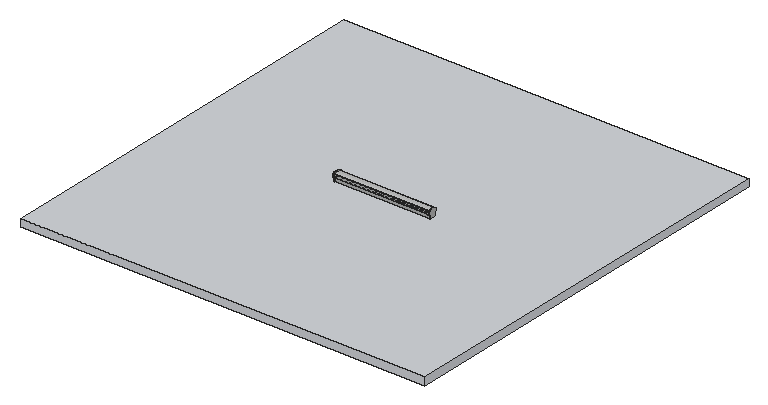
Revit family "P400227-031", category Lighting Fixtures, host Face, Revit 2014
Parameters (values of type "P7265-3030K9")
  Wings = Paint - Hubbell - Light Silver
  Width = 1 3/4"
  Watts = 20 W
  Wattage Comments = "20W"
  Wattage = 18.8 W
  Warranty = "5 years Warranty"  # constant formula
  built-in parameter 1150110 = 1 (stored number, unit not read)
  Voltage = 120 V
  URL = "https://www.hubbell.com/progresslighting/en"
  built-in parameter 1114217 = 1 (stored number, unit not read)
  Tilt Angle = -90.00°
  built-in parameter 1150109 = 1 (stored number, unit not read)
  built-in parameter 1150134 = 3
  built-in parameter 1150113 = 1 (stored number, unit not read)
  Reflector Finish = Hubbell - White Glass
  Product Link = "https://www.hubbell.com/progresslighting/en/Products/Lighting-Controls/Commercial-Indoor-Lighting/Strips/2-LED-Strip-Light/p/2523928"
  Product Documentation Link = "https://hubbellcdn.com/specsheet/PROG_P7265-3030K9_spec.pdf"
  Power Factor = 1
  Photometric Web File = "PROG_P7265-3030K9_17.02850_testlabreports.ies"
  Mounting = Paint - Hubbell - Light Silver
  Model = "P7265 2FT LED STRIP"
  Manufacturer = "Progress Lighting"  # constant formula
  built-in parameter 1150105 = 119.68 (stored number, unit not read)
  Lumens = 1504 lm
  built-in parameter 1150115 = 1 (stored number, unit not read)
  Load Classification = Lighting
  built-in parameter 1150137 = (empty or 0)
  built-in parameter 1150139 = (empty or 0)
  Length = 22 7/8"
  built-in parameter 1150112 = 1 (stored number, unit not read)
  built-in parameter 1150114 = 1 (stored number, unit not read)
  Lamp = "LED"  # constant formula
  Inner Length = 7.87402"
  built-in parameter 1150132 = (empty or 0)
  built-in parameter 1150102 = (empty or 0)
  built-in parameter 1150107 = 3200 (stored number, unit not read)
  built-in parameter 1150138 = (empty or 0)
  built-in parameter 1150106 = 1.1968 (stored number, unit not read)
  Housing Material = Paint - Hubbell - White Texture
  Glass = Hubbell - Glass
  Fixture distribution = "Direct"  # constant formula
  Features = "White finish\r\n1508 lumens, 80 lumens per watt (delivered)\r\n3000K, 90CRI\r\nLED's integral to fixture\r\nCeiling mount\r\nDimmable to 10% with many Forward Phase (Triac) or Reverse Phase (ELV) dimmers\r\nDamp location listed\r\nEnergy Star Qualified\r\nMeets California T24 JA8-2016.\r\nSuitable for use in clothes closets when installed in accordance with the NEC 410.16 spacing requirements."  # constant formula
  Height = 1 7/8"
  Emit from Rectangle Width = Width  # 1 3/4"
  Emit from Rectangle Length = Length  # 22 7/8"
  Emit Shape Visible in Rendering = no
  built-in parameter 1150104 = 7.4322 (stored number, unit not read)
  Dimming Lamp Color Temperature Shift = <None>
  Description = "Integrated 2ft strip light. Great for utility rooms, garages and workrooms. Long lasting LED lights. 1508 lumens, 80 lumens per watt (delivered). 3000K ENERGY STAR."  # constant formula
  Default Elevation = 48"
  Copyright = " ©2020 Progress Lighting, a division of Hubbell Lighting, Inc"  # constant formula
  Contact = "https://www.hubbell.com/progresslighting/en/contactUs"
  Connector Description = "Lighting Connector"  # constant formula
  Color Filter = 16777215
  built-in parameter 1114218 = 1 (stored number, unit not read)
  built-in parameter 1150133 = 10 (stored number, unit not read)
  Assembly Code = "D5020200"
  Apparent Load = Watts / Power Factor  # 20 VA
Reference planes (in)
  plane 1 "Center (Front/Back)": y = 0
  plane 2: z = 0.5561
  plane 3 "Center (Left/Right)": x = 0
  plane 4: x = -11.4375
  plane 5: x = 11.4375
  plane 6: y = 0.875
  plane 7: y = -0.875
  plane 8: z = 2.4311
Forms (in)
  Extrusion 1, solid
    sketch origin (0, 0, 0) x (1, 0, 0) y (0, 1, 0)
      loop
        line (-48, 48) -> (-48, -48) -> (48, -48) -> (48, 48) -> (-48, 48)
    from 0.5561 to -1.25
  Extrusion 2, solid, material "Paint - Hubbell - White Texture" <- "Housing Material"
    sketch origin (0, 0, 0) x (0, 1, 0) y (0, 0, 1)
      loop
        line (0.625, 0.5561) -> (0.625, 1.45799)
        arc (0.625, 1.45799) -> (0.65374, 1.52737) -> (0.72311, 1.5561) r 0.09811
        line (0.72311, 1.5561) -> (0.8136, 1.5561)
        arc (0.8136, 1.5561) -> (0.85702, 1.57409) -> (0.875, 1.6175) r 0.0614
        line (0.875, 1.6175) -> (0.875, 2.22044)
        arc (0.875, 2.22044) -> (0, 2.4311) -> (-0.875, 2.22044) r 1.92251
        line (-0.875, 2.22044) -> (-0.875, 1.60679)
        arc (-0.875, 1.60679) -> (-0.86015, 1.57095) -> (-0.82431, 1.5561) r 0.05069
        line (-0.82431, 1.5561) -> (-0.72266, 1.5561)
        arc (-0.72266, 1.5561) -> (-0.6536, 1.5275) -> (-0.625, 1.45845) r 0.09766
        line (-0.625, 1.45845) -> (-0.625, 0.5561) -> (0.625, 0.5561)
    from -11.4375 to 11.4375
  Extrusion 3, solid, material "Paint - Hubbell - White Texture" <- "Housing Material"
    sketch origin (0, 0, 0) x (0, 1, 0) y (0, 0, 1)
      loop
        line (0.72311, 1.53657) -> (0.8136, 1.53657)
        arc (0.8136, 1.53657) -> (0.87083, 1.56028) -> (0.89453, 1.6175) r 0.08093
        line (0.89453, 1.6175) -> (0.89453, 2.23235)
        arc (0.89453, 2.23235) -> (0, 2.45063) -> (-0.89453, 2.23235) r 1.94204
        line (-0.89453, 2.23235) -> (-0.89453, 1.60679)
        arc (-0.89453, 1.60679) -> (-0.87396, 1.55714) -> (-0.82431, 1.53657) r 0.07022
        line (-0.82431, 1.53657) -> (-0.72266, 1.53657)
        arc (-0.72266, 1.53657) -> (-0.66741, 1.51369) -> (-0.64453, 1.45845) r 0.07813
        line (-0.64453, 1.45845) -> (-0.64453, 0.53657) -> (0.64453, 0.53657) -> (0.64453, 1.45799)
        arc (0.64453, 1.45799) -> (0.66755, 1.51356) -> (0.72311, 1.53657) r 0.07858
    from 11.29613 to 11.4375
  Extrusion 4, solid, material "Paint - Hubbell - White Texture" <- "Housing Material"
    sketch origin (0, 0, 0) x (0, 1, 0) y (0, 0, -1)
      loop
        arc (0.72311, -1.53657) -> (0.66755, -1.51356) -> (0.64453, -1.45799) r 0.07858
        line (0.64453, -1.45799) -> (0.64453, -0.53657) -> (-0.64453, -0.53657) -> (-0.64453, -1.45845)
        arc (-0.64453, -1.45845) -> (-0.66741, -1.51369) -> (-0.72266, -1.53657) r 0.07813
        line (-0.72266, -1.53657) -> (-0.82431, -1.53657)
        arc (-0.82431, -1.53657) -> (-0.87396, -1.55714) -> (-0.89453, -1.60679) r 0.07022
        line (-0.89453, -1.60679) -> (-0.89453, -2.23235)
        arc (-0.89453, -2.23235) -> (0, -2.45063) -> (0.89453, -2.23235) r 1.94204
        line (0.89453, -2.23235) -> (0.89453, -1.6175)
        arc (0.89453, -1.6175) -> (0.87083, -1.56028) -> (0.8136, -1.53657) r 0.08093
        line (0.8136, -1.53657) -> (0.72311, -1.53657)
    from 11.29613 to 11.4375
  Extrusion 5, solid, material "Hubbell - Glass" <- "Glass"
    sketch origin (0, 0, 0) x (0, 1, 0) y (0, 0, 1)
      loop
        arc (-0.88521, 2.23716) -> (-0.8831, 2.21251) -> (-0.875, 2.18914) r 0.09994
        line (-0.875, 2.18914) -> (-0.875, 2.22044)
        arc (-0.875, 2.22044) -> (0, 2.4311) -> (0.875, 2.22044) r 1.92251
        line (0.875, 2.22044) -> (0.875, 2.18914)
        arc (0.875, 2.18914) -> (0.8831, 2.21251) -> (0.88521, 2.23716) r 0.09994
        arc (0.88521, 2.23716) -> (0, 2.45063) -> (-0.88521, 2.23716) r 1.94204
    from -11.29613 to 11.29613
Dimensions and locks (in)
  "Length": plane 4 to plane 5
  "Width": plane 7 to plane 6
  equal spacing: plane 4, plane 3 "Center (Left/Right)", plane 5
  "Height": plane 8 to plane 2
  aligned and locked: plane 2 to Extrusion 1
  aligned and locked: Extrusion 2 to plane 4
  aligned and locked: plane 5 to Extrusion 2
  aligned and locked: Extrusion 5 to Extrusion 4
  aligned and locked: Extrusion 5 to Extrusion 3
Automatic sketch dimensions
  Extrusion 1 sketch curve to Extrusion 1 sketch curve = 96"  (x2)
  Extrusion 2 sketch curve to plane 7 = 0"
  Extrusion 2 sketch curve to plane 2 = 0"
  Extrusion 2 sketch curve to plane 1 "Center (Front/Back)" = 0"
  Extrusion 2 sketch curve to plane 6 = 0"
  Extrusion 2 sketch curve to Extrusion 2 sketch curve = 0.05069"
  Extrusion 2 sketch curve to Extrusion 2 sketch curve = 0.10165"
  Extrusion 2 sketch curve to plane 7 = 1/4"
  plane 6 to Extrusion 2 sketch curve = 1/4"
  Extrusion 2 sketch curve to Extrusion 2 sketch curve = 0.09811"
  plane 6 to Extrusion 2 sketch curve = 0.0614"
  Extrusion 2 sketch curve to plane 2 = 0.04751"
  plane 2 to Extrusion 2 sketch curve = 0.90189"
  Extrusion 2 sketch curve to Extrusion 2 sketch curve = 231/256"
  Extrusion 2 sketch curve to plane 8 = 0.21066"
  Extrusion 3 sketch curve to plane 1 "Center (Front/Back)" = 0"
  Extrusion 3 sketch curve to plane 2 = 5/256"
  Extrusion 3 sketch curve to plane 7 = 59/256"
  Extrusion 3 sketch curve to Extrusion 3 sketch curve = 5/64"
  Extrusion 3 sketch curve to plane 7 = 0.05069"
  plane 7 to Extrusion 3 sketch curve = 5/256"
  plane 6 to Extrusion 3 sketch curve = 59/256"
  Extrusion 3 sketch curve to Extrusion 3 sketch curve = 0.07858"
  plane 6 to Extrusion 3 sketch curve = 0.0614"
  Extrusion 3 sketch curve to plane 6 = 5/256"
  Extrusion 3 sketch curve to plane 2 = 0.04751"
  plane 2 to Extrusion 3 sketch curve = 0.90189"
  plane 2 to Extrusion 3 sketch curve = 231/256"
  Extrusion 3 sketch curve to plane 8 = 0.19875"
  Extrusion 4 sketch curve to plane 1 "Center (Front/Back)" = 0"
  Extrusion 4 sketch curve to plane 2 = 5/256"
  Extrusion 4 sketch curve to plane 7 = 59/256"
  Extrusion 4 sketch curve to Extrusion 4 sketch curve = 5/64"
  Extrusion 4 sketch curve to plane 7 = 0.05069"
  plane 7 to Extrusion 4 sketch curve = 5/256"
  plane 6 to Extrusion 4 sketch curve = 59/256"
  Extrusion 4 sketch curve to Extrusion 4 sketch curve = 0.07858"
  plane 6 to Extrusion 4 sketch curve = 0.0614"
  Extrusion 4 sketch curve to plane 6 = 5/256"
  plane 2 to Extrusion 4 sketch curve = 0.90189"
  plane 2 to Extrusion 4 sketch curve = 231/256"
  Extrusion 4 sketch curve to plane 8 = 0.19875"
  Extrusion 4 sketch curve to plane 2 = 0.04751"
  Extrusion 5 sketch curve to Extrusion 5 sketch curve = 0"  (x2)
  Extrusion 5 sketch curve to plane 7 = 0"
  Extrusion 5 sketch curve to plane 1 "Center (Front/Back)" = 0"
  Extrusion 5 sketch curve to plane 6 = 0"
  Extrusion 5 sketch curve to plane 7 = 0.08966"
  plane 6 to Extrusion 5 sketch curve = 0.08966"
  Extrusion 5 sketch curve to plane 2 = 0.04751"
  Extrusion 5 sketch curve to plane 8 = 0.24197"
  Extrusion 5 sketch curve to Extrusion 5 sketch curve = 0.0313"
  Extrusion 5 sketch curve to Extrusion 5 sketch curve = 0.01285"  (x2)
  plane 7 to Extrusion 5 sketch curve = 0.01021"
  Extrusion 5 sketch curve to plane 6 = 0.01021"
Connectors (in)
  electrical at (0, 0, 0.5561), driven by "Voltage", driven by "Apparent Load", driven by "Power Factor", driven by "Connector Description"
    settings: on Extrusion 2, index 1, voltage 120 V, apparent load 20 VA, apparent load phase1 0 VA, apparent load phase2 0 VA, apparent load phase3 0 VA, power factor 1, load classification "Other", number of poles 1, system type 30, power factor state 1, is connector primary yes, connector utility no, sub classification motor no, connector description "Lighting Connector"
